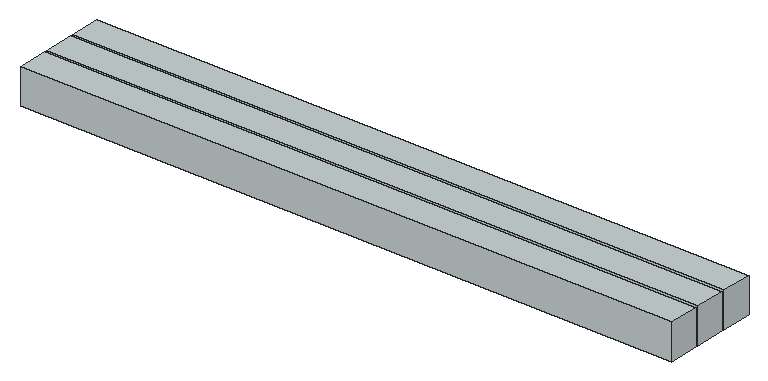
Revit family "ADSK_Обобщенная модель_Перемычка составная", category Generic Models, host Wall, Revit 2022
Family settings
  Host = Wall
  Can host rebar = No
  Round Connector Dimension = Use Diameter
  Part Type = Normal
  Always vertical = Yes
  Cut with Voids When Loaded = No
  Maintain Annotation Orientation = No
  Shared = Yes
  Room Calculation Point = No
Parameters (values of type "Перемычка составная")
  уголок_опирание [instance] = if(Уголок_Опирание < 100 mm, 100 mm, Уголок_Опирание)  # 250 mm
  толщина стены [instance] = Толщина стены  # 620 mm
  размер четверти [instance] = if(N = 1, 0 mm, if([1-ый элемент перемычки с четвертью], Размер четверти, 0 mm))  # 0 mm
  Ширина проема [instance] = 1010 mm
  Уголок_Опирание [instance] = 250 mm
  Расч_b [instance] = if(N = 1, if(Перемычка 1_Уголок, 0 mm, b), if(b > Толщина сердцевины, Толщина сердцевины, b) + Толщина утеплителя - if(and(Перемычка 1_Уголок, Толщина утеплителя > 0 mm), size_lookup(ТВ2, "t", 2 mm, [Тип 1-го элемента]), 0 mm) + if(and(Перемычка 1_Брусок, Толщина утеплителя > 0 mm), B1, 0 mm))  # 380 mm
  Орг.ТипВключатьВСпецификацию [instance] = no
  Орг.ИзделиеТипПодсчета [instance] = 200  # constant formula
  Мрк.МаркаКонструкции [instance] = ""
  Линия_Длина [instance] = if(and(Перемычка 6, Брусок_Длина_6 > Брусок_Длина_5), Брусок_Длина_6, if(and(Перемычка 5, Брусок_Длина_5 > Брусок_Длина_4), Брусок_Длина_5, if(and(Перемычка 4, Брусок_Длина_4 > Брусок_Длина_3), Брусок_Длина_4, if(and(Перемычка 3, Брусок_Длина_3 > Брусок_Длина_2), Брусок_Длина_3, if(Перемычка 1_Брусок, if(and(Перемычка 2, Брусок_Длина_2 > Брусок_Длина_1), Брусок_Длина_2, Брусок_Длина_1), if(and(Перемычка 2, Брусок_Длина_2 > Уголок_Длина), Брусок_Длина_2, Уголок_Длина))))))  # 2590 mm
  Зазор [instance] = if(Толщина утеплителя > 0 mm, if(N = 2, 0 mm, if(N = 3, Толщина сердцевины - B2 - B3, if(N = 4, (Толщина сердцевины - B2 - B3 - B4) / 2, if(N = 5, (Толщина сердцевины - B2 - B3 - B4 - B5) / 3, if(N = 6, (Толщина сердцевины - B2 - B3 - B4 - B5 - B6) / 4, 0 mm))))), if(N = 1, 0 mm, if(N = 2, Толщина сердцевины - B1 - B2, if(N = 3, (Толщина сердцевины - B1 - B2 - B3) / 2, if(N = 4, (Толщина сердцевины - B1 - B2 - B3 - B4) / 3, if(N = 5, (Толщина сердцевины - B1 - B2 - B3 - B4 - B5) / 4, if(N = 6, (Толщина сердцевины - B1 - B2 - B3 - B4 - B5 - B6) / 5, 0 mm)))))))  # 10 mm
  m_уголка на м.п. [instance] = size_lookup(ТВ2, "ADSK_Масса на единицу длины", 0.00 kg/m, [Тип 1-го элемента])  # 0.00 kg/m
  m_уголка [instance] = m_уголка на м.п. * Уголок_Длина  # 0.00 kg
  m6 [instance] = if(Перемычка 6, size_lookup(ТВ1, "Масса", 0.00 kg, [Тип 6-го элемента]), 0.00 kg)  # 0.00 kg
  m5 [instance] = if(Перемычка 5, size_lookup(ТВ1, "Масса", 0.00 kg, [Тип 5-го элемента]), 0.00 kg)  # 0.00 kg
  m4 [instance] = if(Перемычка 4, size_lookup(ТВ1, "Масса", 0.00 kg, [Тип 4-го элемента]), 0.00 kg)  # 0.00 kg
  m3 [instance] = if(Перемычка 3, size_lookup(ТВ1, "Масса", 0.00 kg, [Тип 3-го элемента]), 0.00 kg)  # 109.00 kg
  m2 [instance] = if(Перемычка 2, size_lookup(ТВ1, "Масса", 0.00 kg, [Тип 2-го элемента]), 0.00 kg)  # 109.00 kg
  m1 [instance] = if(Перемычка 1_Брусок, size_lookup(ТВ1, "Масса", 0.00 kg, [Тип 1-го элемента]), if(Перемычка 1_Уголок, m_уголка, 0.00 kg))  # 109.00 kg
  PGS_МаркаПеремычки [instance] = ""
  ADSK_Обозначение [instance] = ""
  ADSK_Наименование [instance] = "Перемычка сборная"  # constant formula
  ADSK_Масса элемента [instance] = m1 + m2 + m3 + m4 + m5 + m6  # 327.00 kg
  ADSK_Марка [instance] = ""
  ADSK_Количество [instance] = N  # 3
  ADSK_Версия семейства = "1.1"  # constant formula
  ADSK_Версия Revit = "2021"  # constant formula
  1-ый элемент перемычки с четвертью [instance] = yes
  Толщина утеплителя [instance] = 0 mm
  Толщина сердцевины [instance] = 380 mm
  Толщина наружной отделки [instance] = 220 mm
  Толщина внутренней отделки [instance] = 20 mm
  Тип 6-го элемента [instance] = "5ПБ 18-27"
  Тип 5-го элемента [instance] = "2ПБ 26-4"
  Тип 4-го элемента [instance] = "2ПБ 26-4"
  Тип 3-го элемента [instance] = "2ПБ 26-4"
  Тип 2-го элемента [instance] = "2ПБ 26-4"
  Тип 1-го элемента [instance] = "2ПБ 26-4"
  ТВ2 = "Уголок_ГОСТ 8509-93"  # constant formula
  ТВ1 = "Перемычки с.1.038.1-1в1.2.4.5"  # constant formula
  толщина внутренней отделки [instance] = if(Толщина стены - Толщина внутренней отделки - Толщина наружной отделки = Толщина сердцевины, Толщина внутренней отделки, Толщина стены - Толщина внутренней отделки)  # 20 mm
  Размер четверти [instance] = 0 mm
  Перемычка 6 [instance] = and(N > 5, Видимость перемычки)  # no
  Перемычка 5 [instance] = and(N > 4, Видимость перемычки)  # no
  Перемычка 4 [instance] = and(N > 3, Видимость перемычки)  # no
  Перемычка 3 [instance] = and(N > 2, Видимость перемычки)  # yes
  Перемычка 2 [instance] = and(N > 1, Видимость перемычки)  # yes
  Перемычка 1_Уголок [instance] = and(not(Перемычка 1_Брусок), Видимость перемычки)  # no
  Перемычка 1_Брусок [instance] = and(size_lookup(ТВ1, "ADSK_Группа конструкций", 0, [Тип 1-го элемента]) > 0, Видимость перемычки)  # yes
  Default Elevation = 0 mm
  Отметка перемычки [instance] = 2000 mm
  Description = "Перемычка"  # constant formula
  Обозначение бруска ГОСТ/Серия [instance] = yes
  Уголок_Длина [instance] = Ширина проема + 2 * уголок_опирание  # 1510 mm
  Толщина стены [instance] = 620 mm
  Видимость перемычки [instance] = yes
  Брусок_Длина_6 [instance] = size_lookup(ТВ1, "L", 120 mm, [Тип 6-го элемента])  # 1810 mm
  Брусок_Длина_5 [instance] = size_lookup(ТВ1, "L", 120 mm, [Тип 5-го элемента])  # 2590 mm
  Брусок_Длина_4 [instance] = size_lookup(ТВ1, "L", 120 mm, [Тип 4-го элемента])  # 2590 mm
  Брусок_Длина_3 [instance] = size_lookup(ТВ1, "L", 120 mm, [Тип 3-го элемента])  # 2590 mm
  Брусок_Длина_2 [instance] = size_lookup(ТВ1, "L", 120 mm, [Тип 2-го элемента])  # 2590 mm
  Брусок_Длина_1 [instance] = size_lookup(ТВ1, "L", 1030 mm, [Тип 1-го элемента])  # 2590 mm
  lmin_6 [instance] = size_lookup(ТВ1, "lmin", 100 mm, [Тип 6-го элемента])  # 170 mm
  lmin5 [instance] = size_lookup(ТВ1, "lmin", 100 mm, [Тип 5-го элемента])  # 100 mm
  lmin4 [instance] = size_lookup(ТВ1, "lmin", 100 mm, [Тип 4-го элемента])  # 100 mm
  lmin3 [instance] = size_lookup(ТВ1, "lmin", 100 mm, [Тип 3-го элемента])  # 100 mm
  lmin_2 [instance] = size_lookup(ТВ1, "lmin", 100 mm, [Тип 2-го элемента])  # 100 mm
  lmin_1 [instance] = size_lookup(ТВ1, "lmin", 100 mm, [Тип 1-го элемента])  # 100 mm
  N [instance] = if(Толщина утеплителя > 0 mm, if(Толщина сердцевины - B2 < 120 mm, 2, if(Толщина сердцевины - B2 - B3 < 120 mm, 3, if(Толщина сердцевины - B2 - B3 - B4 < 120 mm, 4, if(Толщина сердцевины - B2 - B3 - B4 - B5 < 120 mm, 5, if(Толщина сердцевины - B2 - B3 - B4 - B5 - B6 < 120 mm, 6, 0))))), if((Толщина сердцевины - B1) < 120 mm, 1, if((Толщина сердцевины - B1 - B2) < 120 mm, 2, if((Толщина сердцевины - B1 - B2 - B3) < 120 mm, 3, if((Толщина сердцевины - B1 - B2 - B3 - B4) < 120 mm, 4, if((Толщина сердцевины - B1 - B2 - B3 - B4 - B5) < 120 mm, 5, if((Толщина сердцевины - B1 - B2 - B3 - B4 - B5 - B6) < 120 mm, 6, 0)))))))  # 3
  Зазор между брусками [instance] = if(Зазор < 0 mm, 10 mm, Зазор)  # 10 mm
  b6 [instance] = B6 + Зазор между брусками  # 260 mm
  b5 [instance] = B5 + Зазор между брусками  # 130 mm
  b4 [instance] = B4 + Зазор между брусками  # 130 mm
  b3 [instance] = B3 + Зазор между брусками  # 130 mm
  b2 [instance] = B2 + Зазор между брусками  # 130 mm
  b1 [instance] = if(Перемычка 1_Брусок, if(N = 1, (Толщина сердцевины + B1) / 2, if(Толщина утеплителя = 0 mm, B1 + Зазор между брусками, B1 + Толщина утеплителя)), if(N = 1, Толщина утеплителя, if(Толщина утеплителя = 0 mm, Толщина утеплителя, Толщина утеплителя - size_lookup(ТВ2, "t", 2 mm, [Тип 1-го элемента]))))  # 130 mm
  b/2 [instance] = if(N = 1, Толщина стены / 2, if(Толщина утеплителя > 0 mm, (b - b1) / 2, b / 2))  # 190 mm
  b [instance] = if(Видимость перемычки, if(Перемычка 1_Брусок, b1, 0 mm) + if(Перемычка 2, b2, 0 mm) + if(Перемычка 3, b3, 0 mm) + if(Перемычка 4, b4, 0 mm) + if(Перемычка 5, b5, 0 mm) + if(Перемычка 6, b6, 0 mm) + if(Перемычка 1_Уголок, if(Толщина утеплителя = 0 mm, -Зазор между брусками, Толщина утеплителя - size_lookup(ТВ2, "t", 2 mm, [Тип 1-го элемента]) - Зазор между брусками), -Зазор между брусками), 100 mm)  # 380 mm
  B6 [instance] = size_lookup(ТВ1, "b", 120 mm, [Тип 6-го элемента])  # 250 mm
  B5 [instance] = size_lookup(ТВ1, "b", 120 mm, [Тип 5-го элемента])  # 120 mm
  B4 [instance] = size_lookup(ТВ1, "b", 120 mm, [Тип 4-го элемента])  # 120 mm
  B3 [instance] = size_lookup(ТВ1, "b", 120 mm, [Тип 3-го элемента])  # 120 mm
  B2 [instance] = size_lookup(ТВ1, "b", 120 mm, [Тип 2-го элемента])  # 120 mm
  B1 [instance] = size_lookup(ТВ1, "b", 120 mm, [Тип 1-го элемента])  # 120 mm
  ADSK_Распределенная нагрузка по линии [instance] = if(and(Перемычка 1_Брусок, Толщина утеплителя > 0 mm), size_lookup(ТВ1, "Нагрузка", 0.00 kN/m, [Тип 1-го элемента]), 0.00 kN/m) + if(Перемычка 2, size_lookup(ТВ1, "Нагрузка", 0.00 kN/m, [Тип 2-го элемента]), 0.00 kN/m) + if(Перемычка 3, size_lookup(ТВ1, "Нагрузка", 0.00 kN/m, [Тип 3-го элемента]), 0.00 kN/m) + if(Перемычка 4, size_lookup(ТВ1, "Нагрузка", 0.00 kN/m, [Тип 4-го элемента]), 0.00 kN/m) + if(Перемычка 5, size_lookup(ТВ1, "Нагрузка", 0.00 kN/m, [Тип 5-го элемента]), 0.00 kN/m) + if(Перемычка 6, size_lookup(ТВ1, "Нагрузка", 0.00 kN/m, [Тип 6-го элемента]), 0.00 kN/m)  # 7.84 kN/m
  ADSK_Позиция_Сортировка [instance] = if(Перемычка 1_Брусок, size_lookup(ТВ1, "ADSK_Группа конструкций", 0, [Тип 1-го элемента]), size_lookup(ТВ2, "ADSK_Группа конструкций", 0, [Тип 1-го элемента]) * Уголок_Длина / 1000 mm) * 10000000000 + if(Перемычка 2, size_lookup(ТВ1, "ADSK_Группа конструкций", 0, [Тип 2-го элемента]), 0) * 100000000 + if(Перемычка 3, size_lookup(ТВ1, "ADSK_Группа конструкций", 0, [Тип 3-го элемента]), 0) * 1000000 + if(Перемычка 4, size_lookup(ТВ1, "ADSK_Группа конструкций", 0, [Тип 4-го элемента]), 0) * 10000 + if(Перемычка 5, size_lookup(ТВ1, "ADSK_Группа конструкций", 0, [Тип 5-го элемента]), 0) * 100 + if(Перемычка 6, size_lookup(ТВ1, "ADSK_Группа конструкций", 0, [Тип 6-го элемента]), 0) + if(размер четверти > 0 mm, 0.1, 0) + if(Толщина утеплителя > 0 mm, 0.2, 0)  # 181818000000
  ADSK_Группирование [instance] = "Родительское"
  ADSK_Группа конструкций [instance] = 6
Reference planes
  plane 1 "Стена": y = 0
  plane 2 "По центру (Влево/Вправо)": x = 125
  plane 3 "Сзади": y = 310
  plane 4: y = -290
  plane 5: y = 90
  plane 6: y = -40
  plane 7: y = -170
  plane 8: y = -300
  plane 9: y = -430
  plane 10: y = -560
  plane 11 "Плоскость отметки": z = 2000
  plane 12: y = -100
  plane 13: z = 2000
  plane 14: y = -310
  plane 15: z = 0
  plane 16: x = -380
  plane 17: x = 630
  plane 18: x = -630
  plane 19: x = 880
  plane 20: x = -1170
  plane 21: x = 1420
Lines and regions (mm)
  model lines, style "InvisibleLines", not visible
    curve 1: line (125, 0, 2000) -> (125, 0, 0)
  symbolic lines, style "Условные элементы", visible <- "Видимость перемычки", detail levels coarse
    curve 2: line (-1170, -100, 0) -> (1420, -100, 0)
Text (mm)
  text "Сторона размещения" at (-1848.837, 1116.779, 0), in view "Опорный уровень"
  text "Сторона размещения" at (0, 1409.804, 2854.306), in view "Слева"
  text "Сторона размещения" at (0, 499.811, 2980.732), in view "Справа"
Dimensions and locks
  locked: plane 3 "Сзади" to host wall
  "b1": plane 5 to plane 6
  "b2": plane 6 to plane 7
  "b3": plane 7 to plane 8
  "b4": plane 8 to plane 9
  "b5": plane 9 to plane 10
  "Толщина сердцевины": host wall to host wall
  "размер четверти": plane 11 "Плоскость отметки" to plane 13
  "Расч_b": plane 5 to plane 4
  "Толщина внутренней отделки": host wall to host wall
  "толщина внутренней отделки": plane 4 to plane 14
  "Толщина стены": host wall to host wall
  "толщина стены": plane 3 "Сзади" to plane 14
  "Отметка перемычки": plane 11 "Плоскость отметки" to plane 15
  "Толщина наружной отделки": host wall to host wall
  equal spacing: host wall, plane 12, host wall
  equal spacing: plane 16, plane 2 "По центру (Влево/Вправо)", plane 17
  "Ширина проема": plane 16 to plane 17
  "уголок_опирание": plane 17 to plane 19
  "уголок_опирание": plane 18 to plane 16
  equal spacing: plane 20, plane 2 "По центру (Влево/Вправо)", plane 21
  "Линия_Длина": plane 20 to plane 21
  aligned and locked: plane 1 "Стена" to host wall
  aligned and locked: plane 2 "По центру (Влево/Вправо)" to nested 1
  aligned and locked: plane 2 "По центру (Влево/Вправо)" to nested 2
  aligned and locked: plane 2 "По центру (Влево/Вправо)" to nested 3
  aligned and locked: plane 2 "По центру (Влево/Вправо)" to nested 4
  aligned and locked: plane 2 "По центру (Влево/Вправо)" to nested 5
  aligned and locked: plane 2 "По центру (Влево/Вправо)" to nested 6
  aligned and locked: plane 5 to nested 6
  aligned and locked: plane 6 to nested 5
  aligned and locked: plane 7 to nested 4
  aligned and locked: plane 8 to nested 3
  aligned and locked: plane 9 to nested 2
  aligned and locked: plane 10 to nested 1
  aligned and locked: plane 13 to nested 7
  aligned and locked: level to plane 15
  aligned and locked: plane 2 "По центру (Влево/Вправо)" to curve 1
  aligned and locked: curve 2 to plane 12
  aligned and locked: plane 5 to nested 7
  aligned and locked: nested 7 to plane 2 "По центру (Влево/Вправо)"
  aligned and locked: plane 20 to curve 2
  aligned and locked: plane 21 to curve 2
Automatic sketch dimensions
  curve 1 to level = 0 mm
  curve 1 to plane 11 "Плоскость отметки" = 0 mm
Nested families
  nested 1: "ADSK_Обобщенная модель_Элемент перемычки" at (125, -685, 2000), visible <- "Перемычка 6", Тип элемента <- "Тип 6-го элемента", ADSK_Группа конструкций <- "ADSK_Группа конструкций", Обозначение ГОСТ/Серия <- "Обозначение бруска ГОСТ/Серия", ADSK_Марка <- "ADSK_Марка", Орг.ТипВключатьВСпецификацию <- "Орг.ТипВключатьВСпецификацию", Мрк.МаркаКонструкции <- "Мрк.МаркаКонструкции", type "ADSK_Обобщенная модель_Элемент перемычки", detail levels medium+fine
    with Ширина 250 mm, Тип элемента "5ПБ 18-27", Смещение по вертикали 110 mm, Орг.ТипВключатьВСпецификацию no, Орг.ИзделиеТипПодсчета 100, Обозначение ГОСТ/Серия yes, Назначение "Для жилых и общественных зданий", Монтажные петли no, Материал ADSK_Бетон_Железобетон сборный, МПиАВ 0, Длина 1810 mm, Высота 220 mm, Анкерные выпуски no, lmin 170 mm, PGS_МаркаПеремычки "", ADSK_Распределенная нагрузка по линии 27.50 kN/m, ADSK_Позиция ведомость элементов "", ADSK_Обозначение "ГОСТ 948-2016", ADSK_НаименованиеСоставное_Текст1 "Перемычка брусковая", ADSK_Наименование "5ПБ 18-27", ADSK_Масса элемента 250.00 kg, Мрк.МаркаКонструкции "", Мрк.МаркаИзделия "", ADSK_Марка "", ADSK_Количество 1, ADSK_Группирование "Вложенное", ADSK_Группа конструкций 6, ADSK_Главная деталь конструкции no
  nested 2: "ADSK_Обобщенная модель_Элемент перемычки" at (125, -490, 2000), visible <- "Перемычка 5", Тип элемента <- "Тип 5-го элемента", ADSK_Группа конструкций <- "ADSK_Группа конструкций", Обозначение ГОСТ/Серия <- "Обозначение бруска ГОСТ/Серия", ADSK_Марка <- "ADSK_Марка", Орг.ТипВключатьВСпецификацию <- "Орг.ТипВключатьВСпецификацию", Мрк.МаркаКонструкции <- "Мрк.МаркаКонструкции", type "ADSK_Обобщенная модель_Элемент перемычки", detail levels medium+fine
    with Ширина 120 mm, Тип элемента "2ПБ 26-4", Смещение по вертикали 70 mm, Орг.ТипВключатьВСпецификацию no, Орг.ИзделиеТипПодсчета 100, Обозначение ГОСТ/Серия yes, Назначение "Для жилых и общественных зданий", Монтажные петли no, Материал ADSK_Бетон_Железобетон сборный, МПиАВ 0, Длина 2590 mm, Высота 140 mm, Анкерные выпуски no, lmin 100 mm, PGS_МаркаПеремычки "", ADSK_Распределенная нагрузка по линии 3.92 kN/m, ADSK_Позиция ведомость элементов "", ADSK_Обозначение "ГОСТ 948-2016", ADSK_НаименованиеСоставное_Текст1 "Перемычка брусковая", ADSK_Наименование "2ПБ 26-4", ADSK_Масса элемента 109.00 kg, Мрк.МаркаКонструкции "", Мрк.МаркаИзделия "", ADSK_Марка "", ADSK_Количество 1, ADSK_Группирование "Вложенное", ADSK_Группа конструкций 6, ADSK_Главная деталь конструкции no
  nested 3: "ADSK_Обобщенная модель_Элемент перемычки" at (125, -360, 2000), visible <- "Перемычка 4", Тип элемента <- "Тип 4-го элемента", ADSK_Группа конструкций <- "ADSK_Группа конструкций", Обозначение ГОСТ/Серия <- "Обозначение бруска ГОСТ/Серия", ADSK_Марка <- "ADSK_Марка", Орг.ТипВключатьВСпецификацию <- "Орг.ТипВключатьВСпецификацию", Мрк.МаркаКонструкции <- "Мрк.МаркаКонструкции", type "ADSK_Обобщенная модель_Элемент перемычки", detail levels medium+fine
    with Ширина 120 mm, Тип элемента "2ПБ 26-4", Смещение по вертикали 70 mm, Орг.ТипВключатьВСпецификацию no, Орг.ИзделиеТипПодсчета 100, Обозначение ГОСТ/Серия yes, Назначение "Для жилых и общественных зданий", Монтажные петли no, Материал ADSK_Бетон_Железобетон сборный, МПиАВ 0, Длина 2590 mm, Высота 140 mm, Анкерные выпуски no, lmin 100 mm, PGS_МаркаПеремычки "", ADSK_Распределенная нагрузка по линии 3.92 kN/m, ADSK_Позиция ведомость элементов "", ADSK_Обозначение "ГОСТ 948-2016", ADSK_НаименованиеСоставное_Текст1 "Перемычка брусковая", ADSK_Наименование "2ПБ 26-4", ADSK_Масса элемента 109.00 kg, Мрк.МаркаКонструкции "", Мрк.МаркаИзделия "", ADSK_Марка "", ADSK_Количество 1, ADSK_Группирование "Вложенное", ADSK_Группа конструкций 6, ADSK_Главная деталь конструкции no
  nested 4: "ADSK_Обобщенная модель_Элемент перемычки" at (125, -230, 2000), visible <- "Перемычка 3", Тип элемента <- "Тип 3-го элемента", ADSK_Группа конструкций <- "ADSK_Группа конструкций", Обозначение ГОСТ/Серия <- "Обозначение бруска ГОСТ/Серия", ADSK_Марка <- "ADSK_Марка", Орг.ТипВключатьВСпецификацию <- "Орг.ТипВключатьВСпецификацию", Мрк.МаркаКонструкции <- "Мрк.МаркаКонструкции", type "ADSK_Обобщенная модель_Элемент перемычки", detail levels medium+fine
    with Ширина 120 mm, Тип элемента "2ПБ 26-4", Смещение по вертикали 70 mm, Орг.ТипВключатьВСпецификацию no, Орг.ИзделиеТипПодсчета 100, Обозначение ГОСТ/Серия yes, Назначение "Для жилых и общественных зданий", Монтажные петли no, Материал ADSK_Бетон_Железобетон сборный, МПиАВ 0, Длина 2590 mm, Высота 140 mm, Анкерные выпуски no, lmin 100 mm, PGS_МаркаПеремычки "", ADSK_Распределенная нагрузка по линии 3.92 kN/m, ADSK_Позиция ведомость элементов "", ADSK_Обозначение "ГОСТ 948-2016", ADSK_НаименованиеСоставное_Текст1 "Перемычка брусковая", ADSK_Наименование "2ПБ 26-4", ADSK_Масса элемента 109.00 kg, Мрк.МаркаКонструкции "", Мрк.МаркаИзделия "", ADSK_Марка "", ADSK_Количество 1, ADSK_Группирование "Вложенное", ADSK_Группа конструкций 6, ADSK_Главная деталь конструкции no
  nested 5: "ADSK_Обобщенная модель_Элемент перемычки" at (125, -100, 2000), visible <- "Перемычка 2", Тип элемента <- "Тип 2-го элемента", ADSK_Группа конструкций <- "ADSK_Группа конструкций", Обозначение ГОСТ/Серия <- "Обозначение бруска ГОСТ/Серия", ADSK_Марка <- "ADSK_Марка", Орг.ТипВключатьВСпецификацию <- "Орг.ТипВключатьВСпецификацию", Мрк.МаркаКонструкции <- "Мрк.МаркаКонструкции", type "ADSK_Обобщенная модель_Элемент перемычки", detail levels medium+fine
    with Ширина 120 mm, Тип элемента "2ПБ 26-4", Смещение по вертикали 70 mm, Орг.ТипВключатьВСпецификацию no, Орг.ИзделиеТипПодсчета 100, Обозначение ГОСТ/Серия yes, Назначение "Для жилых и общественных зданий", Монтажные петли no, Материал ADSK_Бетон_Железобетон сборный, МПиАВ 0, Длина 2590 mm, Высота 140 mm, Анкерные выпуски no, lmin 100 mm, PGS_МаркаПеремычки "", ADSK_Распределенная нагрузка по линии 3.92 kN/m, ADSK_Позиция ведомость элементов "", ADSK_Обозначение "ГОСТ 948-2016", ADSK_НаименованиеСоставное_Текст1 "Перемычка брусковая", ADSK_Наименование "2ПБ 26-4", ADSK_Масса элемента 109.00 kg, Мрк.МаркаКонструкции "", Мрк.МаркаИзделия "", ADSK_Марка "", ADSK_Количество 1, ADSK_Группирование "Вложенное", ADSK_Группа конструкций 6, ADSK_Главная деталь конструкции no
  nested 6: "ADSK_Обобщенная модель_Элемент перемычки" at (125, 30, 2000), visible <- "Перемычка 1_Брусок", Тип элемента <- "Тип 1-го элемента", ADSK_Группа конструкций <- "ADSK_Группа конструкций", Обозначение ГОСТ/Серия <- "Обозначение бруска ГОСТ/Серия", ADSK_Марка <- "ADSK_Марка", Орг.ТипВключатьВСпецификацию <- "Орг.ТипВключатьВСпецификацию", Мрк.МаркаКонструкции <- "Мрк.МаркаКонструкции", type "ADSK_Обобщенная модель_Элемент перемычки", detail levels medium+fine
    with Ширина 120 mm, Тип элемента "2ПБ 26-4", Смещение по вертикали 70 mm, Орг.ТипВключатьВСпецификацию no, Орг.ИзделиеТипПодсчета 100, Обозначение ГОСТ/Серия yes, Назначение "Для жилых и общественных зданий", Монтажные петли no, Материал ADSK_Бетон_Железобетон сборный, МПиАВ 0, Длина 2590 mm, Высота 140 mm, Анкерные выпуски no, lmin 100 mm, PGS_МаркаПеремычки "", ADSK_Распределенная нагрузка по линии 3.92 kN/m, ADSK_Позиция ведомость элементов "", ADSK_Обозначение "ГОСТ 948-2016", ADSK_НаименованиеСоставное_Текст1 "Перемычка брусковая", ADSK_Наименование "2ПБ 26-4", ADSK_Масса элемента 109.00 kg, Мрк.МаркаКонструкции "", Мрк.МаркаИзделия "", ADSK_Марка "", ADSK_Количество 1, ADSK_Группирование "Вложенное", ADSK_Группа конструкций 6, ADSK_Главная деталь конструкции yes
  nested 7: "ADSK_ОбобщеннаяМодель_Уголок_ГОСТ 8509-93" at (125, 90, 2000) x (-1, 0, 0) z (0, 0, 1), Тип уголка <- "Тип 1-го элемента", visible <- "Перемычка 1_Уголок", Мрк.МаркаКонструкции <- "Мрк.МаркаКонструкции", Орг.ТипВключатьВСпецификацию <- "Орг.ТипВключатьВСпецификацию", ADSK_Масса элемента <- "m_уголка", type "ADSK_ОбобщеннаяМодель_Уголок_ГОСТ 8509-93", detail levels medium+fine
    with Тип уголка "2ПБ 26-4", Смещение по Z yes, Смещение по Y yes, Профиль развернут no, Орг.ТипВключатьВСпецификацию no, Орг.ИзделиеТипПодсчета 100, t 0.3 cm, r 0.12 cm, iyo 0.0 cm, ix 0.0 cm, b 2.0 cm, Z 1.2 mm, Y 1.2 mm, Xo 0.12 cm, Wyo 0.0 cm³, Wx 0.0 cm³, R 0.35 cm, PGS_МаркаПеремычки "", Iyo 0.00 cm⁴, Ixy 0.00 cm⁴, Ixo 0.00 cm⁴, Ix 0.00 cm⁴, ADSK_Тип элемента КМ 2, ADSK_Размер_Длина 1510 mm, ADSK_Позиция ведомость элементов "", ADSK_Наименование профиля "Уголки стальные горячекатаные равнополочные", ADSK_Наименование краткое "Неверный тип уголка", ADSK_Наименование "Неверный тип уголка", ADSK_Материал ADSK_Металл_Сталь литейная, ADSK_Масса элемента 0.00 kg, ADSK_Масса на единицу длины 0.00 kg/m, Мрк.МаркаКонструкции "", Мрк.МаркаИзделия "", ADSK_Деталь наоборот no, ADSK_Группирование "Вложенное", ADSK_Группа конструкций 6, ADSK_Главная деталь конструкции yes, Орг.ГлавнаяДетальСборки no
Definition of nested family "ADSK_Обобщенная модель_Элемент перемычки"
  Parameters (values of type "ADSK_Обобщенная модель_Элемент перемычки")
    Ширина [instance] = size_lookup(ТВ1, "b", 120 mm, Тип элемента)  # 120 mm
    Тип элемента [instance] = "2ПБ 29-4-п"
    ТВ1 = "Перемычки с.1.038.1-1в1.4.5"  # constant formula
    Смещение по вертикали [instance] = Высота / 2  # 70 mm
    Default Elevation = 1219.2 mm
    Орг.ТипВключатьВСпецификацию [instance] = yes
    Орг.ИзделиеТипПодсчета [instance] = 100  # constant formula
    Обозначение ГОСТ/Серия [instance] = yes
    Назначение [instance] = size_lookup(ТВ1, "Назначение", "Элемент не найден", Тип элемента)  # "Для жилых и общественных зданий"
    Монтажные петли [instance] = or(МПиАВ = 1, МПиАВ = 3)  # yes
    Материал [instance] = none
    МПиАВ [instance] = size_lookup(ТВ1, "МПиАВ", 0, Тип элемента)  # 1
    Длина [instance] = size_lookup(ТВ1, "L", 1030 mm, Тип элемента)  # 2850 mm
    Высота [instance] = size_lookup(ТВ1, "h", 65 mm, Тип элемента)  # 140 mm
    Анкерные выпуски [instance] = or(МПиАВ = 2, МПиАВ = 3)  # no
    lmin [instance] = size_lookup(ТВ1, "lmin", 100 mm, Тип элемента)  # 100 mm
    PGS_МаркаПеремычки [instance] = ""
    ADSK_Распределенная нагрузка по линии [instance] = size_lookup(ТВ1, "Нагрузка", 0.00 kN/m, Тип элемента)  # 3.92 kN/m
    ADSK_Позиция ведомость элементов [instance] = ""
    ADSK_Обозначение [instance] = if([Обозначение ГОСТ/Серия], size_lookup(ТВ1, "ГОСТ", "Элемент не найден", Тип элемента), size_lookup(ТВ1, "Описание", "Элемент не найден", Тип элемента))  # "ГОСТ 948-2016"
    ADSK_НаименованиеСоставное_Текст1 [instance] = size_lookup(ТВ1, "Наименование", "Элемент не найден", Тип элемента)  # "Перемычка брусковая"
    ADSK_Наименование [instance] = size_lookup(ТВ1, "", "Элемент не найден", Тип элемента)  # "2ПБ 29-4-п"
    ADSK_Масса элемента [instance] = size_lookup(ТВ1, "Масса", 0.00 kg, Тип элемента)  # 120.00 kg
    Мрк.МаркаКонструкции [instance] = ""
    Мрк.МаркаИзделия [instance] = ""
    ADSK_Марка [instance] = ""
    ADSK_Количество [instance] = 1  # constant formula
    ADSK_Группирование [instance] = "Вложенное"  # constant formula
    ADSK_Группа конструкций [instance] = 6
    ADSK_Главная деталь конструкции [instance] = no
    Орг.ГлавнаяДетальСборки = no
    ADSK_Версия семейства = "1.0"  # constant formula
    ADSK_Версия Revit = "2021"  # constant formula
  Reference planes
    plane 1 "По центру (Вперед/Назад)": y = 0
    plane 2: z = 0
    plane 3 "По центру (Влево/Вправо)": x = 0
    plane 4: x = -1425
    plane 5: x = 1425
    plane 6: y = -60
    plane 7: y = 60
    plane 8: z = 140
  Forms (mm)
    Sweep 1, solid, material <- "Материал"
      path origin (0, 0, 0) x (1, 0, 0) y (0, 1, 0)
        loop
          line (-1425, 0) -> (1425, 0)
      profile "ADSK_Профиль_Прямоугольник : ADSK_Профиль_Прямоугольник" origin (0, 0, 0) x (0, 1, 0) y (0, 0, 1)
        loop
          line (-60, 140) -> (-60, 0) -> (60, 0) -> (60, 140) -> (-60, 140)
  Dimensions and locks
    equal spacing: plane 4, plane 3 "По центру (Влево/Вправо)", plane 5
    "Длина": plane 4 to plane 5
    equal spacing: plane 7, plane 1 "По центру (Вперед/Назад)", plane 6
    "Ширина": plane 7 to plane 6
    "Высота": plane 8 to level
    aligned and locked: level to plane 2
  Automatic sketch dimensions
    plane 1 "По центру (Вперед/Назад)" to Sweep 1 sketch curve = 0 mm
    Sweep 1 sketch curve to plane 4 = 0 mm
    Sweep 1 sketch curve to plane 5 = 0 mm
Definition of nested family "ADSK_ОбобщеннаяМодель_Уголок_ГОСТ 8509-93"
  Parameters (values of type "ADSK_ОбобщеннаяМодель_Уголок_ГОСТ 8509-93")
    Смещение по Z [instance] = no
    Смещение по Y [instance] = no
    Тип уголка [instance] = "50х5"
    ТВ = "Уголок_ГОСТ8509-93"  # constant formula
    Профиль развернут [instance] = no
    Default Elevation = 1219.2 mm
    Орг.ТипВключатьВСпецификацию [instance] = no
    Орг.ИзделиеТипПодсчета [instance] = 100  # constant formula
    r [instance] = size_lookup(ТВ, "r", 0.12 cm, ADSK_Наименование)  # 0.18 cm
    iyo [instance] = size_lookup(ТВ, "iyo", 0.0 cm, ADSK_Наименование)  # 0.98 cm
    ix [instance] = size_lookup(ТВ, "ix", 0.0 cm, ADSK_Наименование)  # 1.53 cm
    b [instance] = size_lookup(ТВ, "b", 2.0 cm, ADSK_Наименование)  # 5.0 cm
    t [instance] = size_lookup(ТВ, "t", 0.3 cm, ADSK_Наименование)  # 0.5 cm
    Z [instance] = if(Смещение по Z, Xo, 0 mm)  # 0 mm
    Y [instance] = if(Профиль развернут, if(Смещение по Y, b - Xo, 0 mm), if(Смещение по Y, Xo, 0 mm))  # 0 mm
    Xo [instance] = size_lookup(ТВ, "Xo", 0.12 cm, ADSK_Наименование)  # 1.42 cm
    Wyo [instance] = size_lookup(ТВ, "Wyo", 0.0 cm³, ADSK_Наименование)  # 2.3 cm³
    Wx [instance] = size_lookup(ТВ, "Wx", 0.0 cm³, ADSK_Наименование)  # 3.13 cm³
    R [instance] = size_lookup(ТВ, "R", 0.35 cm, ADSK_Наименование)  # 0.55 cm
    PGS_МаркаПеремычки [instance] = ""
    Iyo [instance] = size_lookup(ТВ, "Iyo", 0.00 cm⁴, ADSK_Наименование)  # 4.63 cm⁴
    Ixy [instance] = size_lookup(ТВ, "Ixy", 0.00 cm⁴, ADSK_Наименование)  # 6.57 cm⁴
    Ixo [instance] = size_lookup(ТВ, "Ixo", 0.00 cm⁴, ADSK_Наименование)  # 17.77 cm⁴
    Ix [instance] = size_lookup(ТВ, "Ix", 0.00 cm⁴, ADSK_Наименование)  # 11.20 cm⁴
    ADSK_Размер_Длина [instance] = 500 mm
    ADSK_Позиция ведомость элементов [instance] = ""
    ADSK_Обозначение = "ГОСТ 8509-93"  # constant formula
    ADSK_НаименованиеСоставное_Префикс = ""  # constant formula
    ADSK_НаименованиеСоставное_Текст1 = "Уголок"  # constant formula
    ADSK_Наименование краткое [instance] = ADSK_Наименование  # "50x5"
    ADSK_Наименование [instance] = size_lookup(ТВ, "", "Неверный тип уголка", Тип уголка)  # "50x5"
    ADSK_Материал [instance] = none
    ADSK_Масса элемента [instance] = 1.885 kg
    ADSK_Масса на единицу длины [instance] = size_lookup(ТВ, "ADSK_Масса на единицу длины", 0.00 kg/m, ADSK_Наименование)  # 3.77 kg/m
    Мрк.МаркаКонструкции [instance] = ""
    ADSK_Тип элемента КМ [instance] = 2
    ADSK_Наименование профиля [instance] = "Уголки стальные горячекатаные равнополочные"  # constant formula
    Мрк.МаркаИзделия [instance] = ""
    ADSK_Деталь наоборот [instance] = no
    ADSK_Группирование [instance] = ""
    ADSK_Группа конструкций [instance] = 6
    ADSK_Главная деталь конструкции [instance] = no
    Орг.ГлавнаяДетальСборки [instance] = no
    ADSK_Высота строки_Изображение = 0
    ADSK_Версия семейства = "1.0"  # constant formula
    ADSK_Версия Revit = "2022"  # constant formula
  Reference planes
    plane 1 "По центру (Вперед/Назад)": y = 0
    plane 2: z = 0
    plane 3 "По центру (Влево/Вправо)": x = 0
    plane 4: x = -250
    plane 5: x = 250
  Forms (mm)
    Sweep 1, solid, material <- "ADSK_Материал", detail levels coarse+medium
      path origin (0, 0, 0) x (1, 0, 0) y (0, 1, 0)
        loop
          line (250, 0) -> (-250, 0)
      profile "ADSK_Профиль_Уголок_ГОСТ 8509-93(ГОСТ 8510-86)_Средний : ADSK_Профиль_Уголок_ГОСТ 8509-93(ГОСТ 8510-86)_Средний" origin (0, 0, 0) x (0, -1, 0) y (0, 0, 1)
        loop
          line (-14.2, 35.8) -> (-14.2, -14.2) -> (35.8, -14.2) -> (35.8, -9.2) -> (-9.2, -9.2) -> (-9.2, 35.8) -> (-14.2, 35.8)
    Sweep 2, solid, material <- "ADSK_Материал", detail levels fine
      path origin (0, 0, 0) x (1, 0, 0) y (0, 1, 0)
        loop
          line (250, 0) -> (-250, 0)
      profile "ADSK_Профиль_Уголок_ГОСТ 8509-93(ГОСТ 8510-86)_Высокий : ADSK_Профиль_Уголок_ГОСТ 8509-93(ГОСТ 8510-86)_Высокий" origin (0, 0, 0) x (0, -1, 0) y (0, 0, 1)
        loop
          line (-14.2, 35.8) -> (-14.2, -14.2) -> (35.8, -14.2) -> (35.8, -11)
          arc (35.8, -11) -> (35.273, -9.727) -> (34, -9.2) r 1.8
          line (34, -9.2) -> (-3.7, -9.2)
          arc (-3.7, -9.2) -> (-7.589, -7.589) -> (-9.2, -3.7) r 5.5
          line (-9.2, -3.7) -> (-9.2, 34)
          arc (-9.2, 34) -> (-9.727, 35.273) -> (-11, 35.8) r 1.8
          line (-11, 35.8) -> (-14.2, 35.8)
  Lines and regions (mm)
    symbolic lines
      curve 1: line (250, 0, -9.2) -> (-250, 0, -9.2)
      curve 2: line (-250, 9.2, -10) -> (250, 9.2, -10)
  Dimensions and locks
    equal spacing: plane 4, plane 3 "По центру (Влево/Вправо)", plane 5
    "ADSK_Размер_Длина": plane 4 to plane 5
    aligned and locked: level to plane 2
    aligned and locked: plane 1 "По центру (Вперед/Назад)" to Sweep 1 sketch curve
    aligned and locked: plane 5 to Sweep 1 sketch curve
    aligned and locked: plane 4 to Sweep 1 sketch curve
    aligned and locked: Sweep 2 sketch curve to plane 1 "По центру (Вперед/Назад)"
    aligned and locked: plane 4 to Sweep 2 sketch curve
    aligned and locked: plane 5 to Sweep 2 sketch curve
    aligned and locked: plane 5 to curve 1
    aligned and locked: plane 4 to curve 1
    aligned and locked: plane 4 to curve 2
    aligned and locked: plane 5 to curve 2
    aligned and locked: curve 1 to Sweep 1
    aligned and locked: curve 2 to Sweep 1
